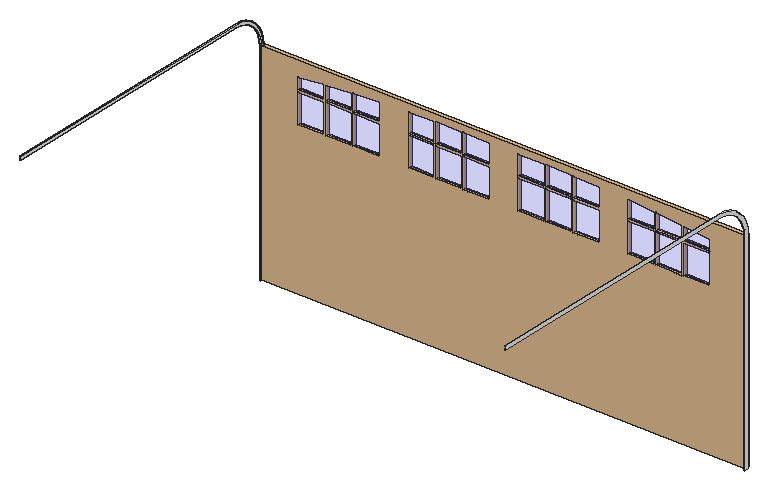
Revit family (continued)
Dimensions and locks (in)
  aligned and locked: curve 348 to curve 159
  aligned and locked: curve 349 to curve 158
  aligned and locked: curve 350 to curve 157
  aligned and locked: curve 351 to curve 184
  aligned and locked: curve 352 to curve 185
  aligned and locked: curve 353 to curve 186
  aligned and locked: curve 354 to curve 187
  aligned and locked: curve 355 to curve 188
  aligned and locked: curve 356 to curve 189
  aligned and locked: curve 357 to curve 190
  aligned and locked: curve 358 to curve 191
  aligned and locked: curve 359 to curve 192
  aligned and locked: curve 360 to curve 193
  aligned and locked: curve 361 to curve 194
  aligned and locked: curve 362 to curve 195
  aligned and locked: curve 363 to curve 152
  aligned and locked: curve 364 to curve 155
  aligned and locked: curve 365 to curve 154
  aligned and locked: curve 366 to curve 153
  aligned and locked: curve 367 to curve 148
  aligned and locked: curve 368 to curve 151
  aligned and locked: curve 369 to curve 150
  aligned and locked: curve 370 to curve 149
  aligned and locked: curve 371 to curve 167
  aligned and locked: curve 372 to curve 165
  aligned and locked: curve 373 to curve 161
  aligned and locked: curve 374 to curve 163
  aligned and locked: curve 375 to curve 166
  aligned and locked: curve 376 to curve 162
  aligned and locked: curve 377 to curve 51
  aligned and locked: curve 378 to curve 54
  aligned and locked: curve 379 to curve 53
  aligned and locked: curve 380 to curve 52
  aligned and locked: curve 381 to curve 101
  aligned and locked: curve 382 to curve 100
  aligned and locked: curve 383 to curve 99
  aligned and locked: curve 384 to curve 102
  aligned and locked: curve 385 to curve 113
  aligned and locked: curve 386 to curve 112
  aligned and locked: curve 387 to curve 111
  aligned and locked: curve 388 to curve 114
  aligned and locked: plane 20 to Extrusion 3 sketch curve
  aligned and locked: Extrusion 2 sketch curve to Extrusion 1  (x8)
  aligned and locked: Extrusion 3 sketch curve to plane 37
  aligned and locked: Extrusion 3 sketch curve to plane 41
  aligned and locked: plane 24 to Extrusion 3 sketch curve
  aligned and locked: plane 20 to Extrusion 1 sketch curve
  aligned and locked: Extrusion 1 sketch curve to plane 24
  aligned and locked: plane 41 to Extrusion 1 sketch curve
  aligned and locked: Extrusion 1 sketch curve to plane 37
  aligned and locked: Extrusion 4 sketch curve to cut or joined group of Extrusion 1, Extrusion 2, Extrusion 3  (x54)
  aligned and locked: cut or joined group of Extrusion 1, Extrusion 2, Extrusion 3 to Extrusion 4 sketch curve  (x2)
  aligned and locked: Extrusion 4 sketch curve to Extrusion 1  (x11)
  aligned and locked: Extrusion 1 to Extrusion 4 sketch curve  (x2)
  aligned and locked: plane 15 to plane 58
  aligned and locked: nested 1 to plane 2 "Center (Left/Right)"
  aligned and locked: nested 1 to plane 14 "Ext"
Automatic sketch dimensions
  Extrusion 1 sketch curve to Extrusion 1 sketch curve = 0' - 0"  (x3)
  Extrusion 1 sketch curve to plane 27 = 0' - 0"
  plane 17 to Extrusion 1 sketch curve = 0' - 1.00534"
  plane 11 to Extrusion 1 sketch curve = 0' - 0.04577"
  plane 37 to curve 150 = 0' - 0 1/4"
  curve 148 to curve 192 = 0' - 0 1/2"
  curve 194 to plane 40 = 0' - 0 3/4"
  curve 51 to plane 40 = 0' - 0 1/4"
  plane 40 to curve 58 = 0' - 0 1/4"
  curve 154 to curve 189 = 0' - 0 1/2"
  curve 191 to plane 38 = 0' - 0 3/4"
  curve 57 to plane 38 = 0' - 0 1/4"
  plane 38 to curve 62 = 0' - 0 1/4"
  curve 156 to curve 185 = 0' - 0 1/2"
  curve 186 to plane 42 = 0' - 0 1/2"
  plane 41 to curve 65 = 0' - 0 1/4"
  curve 162 to curve 182 = 0' - 0 1/2"
  curve 183 to plane 39 = 0' - 0 3/4"
  curve 161 to plane 39 = 0' - 0 1/4"
  plane 39 to curve 68 = 0' - 0 1/4"
  curve 165 to curve 179 = 0' - 0 1/2"
  curve 178 to plane 43 = 0' - 0 3/4"
  curve 166 to plane 43 = 0' - 0 1/4"
  plane 43 to curve 169 = 0' - 0 1/4"
  curve 174 to plane 36 = 0' - 0 1/2"
  curve 136 to plane 25 = 0' - 0 1/2"
  plane 27 to curve 137 = 0' - 0 3/4"
  plane 27 to curve 109 = 0' - 0 1/4"
  curve 16 to plane 27 = 0' - 0 1/4"
  curve 111 to curve 130 = 0' - 0 1/2"
  plane 22 to curve 130 = 0' - 0 3/4"
  plane 22 to curve 111 = 0' - 0 1/4"
  curve 117 to plane 22 = 0' - 0 1/4"
  curve 115 to curve 133 = 0' - 0 1/2"
  plane 24 to curve 132 = 0' - 0 3/4"
  plane 24 to curve 18 = 0' - 0 1/4"
  curve 22 to plane 24 = 0' - 0 1/4"
  curve 140 to plane 26 = 0' - 0 1/2"
  plane 21 to curve 140 = 0' - 0 3/4"
  plane 21 to curve 26 = 0' - 0 1/4"
  curve 3 to plane 21 = 0' - 0 1/4"
  curve 99 to curve 146 = 0' - 0 1/2"
  plane 23 to curve 144 = 0' - 0 3/4"
  plane 23 to curve 5 = 0' - 0 1/4"
  curve 7 to plane 23 = 0' - 0 1/4"
  curve 104 to curve 124 = 0' - 0 1/2"
  plane 20 to curve 126 = 0' - 0 3/4"
  plane 20 to curve 6 = 0' - 0 1/4"
  curve 1 to plane 20 = 0' - 0 1/4"
  curve 176 to plane 53 = 0' - 0 1/2"
  curve 173 to plane 53 = 0' - 0 1/2"
  curve 124 to plane 53 = 0' - 0 1/2"
  curve 180 to plane 53 = 0' - 0 1/2"
  curve 128 to plane 53 = 0' - 0 1/2"
  curve 132 to plane 53 = 0' - 0 1/2"
  curve 184 to plane 53 = 0' - 0 1/2"
  curve 188 to plane 53 = 0' - 0 1/2"
  curve 136 to plane 53 = 0' - 0 1/2"
  curve 192 to plane 53 = 0' - 0 1/2"
  curve 140 to plane 53 = 0' - 0 1/2"
  curve 144 to plane 53 = 0' - 0 1/2"
  Extrusion 2 sketch curve to Extrusion 2 sketch curve = 0' - 0"  (x8)
  Extrusion 2 sketch curve to Extrusion 2 sketch curve = 0' - 0.11569"  (x2)
  plane 11 to Extrusion 2 sketch curve = 0' - 0.12829"
  plane 11 to Extrusion 2 sketch curve = 0' - 0.4123"
  plane 11 to Extrusion 2 sketch curve = 0' - 0.48703"
  plane 11 to Extrusion 2 sketch curve = 0' - 0.54118"
  plane 11 to Extrusion 2 sketch curve = 0' - 0.68266"
  Extrusion 3 sketch curve to plane 50 = 0' - 0"
  curve 1 to plane 52 = 0' - 0"
  curve 98 to plane 53 = 0' - 0"
  curve 98 to plane 54 = 0' - 0"
  curve 22 to plane 52 = 0' - 0"
  curve 22 to plane 51 = 0' - 0"
  curve 119 to plane 53 = 0' - 0"
  curve 119 to plane 54 = 0' - 0"
  plane 11 to Extrusion 1 sketch curve = 0' - 0.14283"
  Extrusion 4 sketch curve to plane 28 = 0' - 0 1/4"  (x2)
  plane 28 to Extrusion 4 sketch curve = 0' - 0 1/4"
  Extrusion 4 sketch curve to plane 21 = 0' - 0 1/4"
  plane 21 to Extrusion 4 sketch curve = 0' - 0 1/4"
  Extrusion 4 sketch curve to plane 26 = 0' - 0"
  Extrusion 4 sketch curve to plane 9 = 0' - 0"  (x8)
  Extrusion 4 sketch curve to Extrusion 4 sketch curve = 0' - 0"  (x16)
  plane 17 to Extrusion 4 sketch curve = 0' - 0.72413"
  plane 20 to Extrusion 4 sketch curve = 0' - 0 1/4"
  Extrusion 4 sketch curve to Extrusion 4 sketch curve = 0' - 0.04748"
  Extrusion 4 sketch curve to Extrusion 4 sketch curve = 0' - 0.00946"
  Extrusion 4 sketch curve to plane 25 = 0' - 0"
  Extrusion 4 sketch curve to plane 36 = 0' - 0"
  Extrusion 4 sketch curve to plane 42 = 0' - 0"
  Extrusion 4 sketch curve to Extrusion 4 sketch curve = 0' - 0.03544"
  Extrusion 4 sketch curve to Extrusion 4 sketch curve = 0' - 0.04498"
Nested families (in)
  nested 1: "Door Track" at (-0.5, -64, 0), Width <- "Track Width", Height <- "Track Height", Depth <- "Track Depth", type "Door Track"
    with Width 16' - 2", Height 8' - 0", Depth 10' - 0"
Definition of nested family "Door Track"
  Parameters
    Width [instance] = 10' - 0"
    Track = Metal
    Height [instance] = 11' - 0"
    Depth [instance] = 10' - 0"
  Reference planes (in)
    plane 1 "Center (Front/Back)": y = 0
    plane 2: z = 0
    plane 3 "Center (Left/Right)": x = 0.5
    plane 4 "Back": y = 60
    plane 5 "Front": y = -60
    plane 6 "Left": x = -59.5
    plane 7 "Right": x = 60.5
    plane 8 "Top": z = 132
    plane 9 "Center (Up/Down)": z = 66
    plane 10: y = 60.75
    plane 11: y = 61.5
  Forms (in)
    Sweep 1, solid, material "Metal" <- "Track"
      path origin (60.5, 60, 48) x (0, 1, 0) y (0, 0, 1)
        loop
          line (0, -48) -> (0, 72)
          arc (0, 72) -> (-3.51472, 80.48528) -> (-12, 84) r 12
          line (-12, 84) -> (-120, 84)
      profile origin (60.5, -6, 132) x (0, 0, -1) y (1, 0, 0)
        loop
          line (-1.5, 0) -> (-1.375, 0) -> (-1.375, 0.375) -> (-0.125, 0.375) -> (-0.125, 0) -> (0, 0) -> (0, 0.5) -> (-1.5, 0.5) -> (-1.5, 0)
    Sweep 2, solid, material "Metal" <- "Track"
      path origin (-59.5, 60, 48) x (0, 1, 0) y (0, 0, 1)
        loop
          line (0, -48) -> (0, 72)
          arc (0, 72) -> (-3.51472, 80.48528) -> (-12, 84) r 12
          line (-12, 84) -> (-120, 84)
      profile origin (-59.5, -6, 132) x (0, 0, -1) y (1, 0, 0)
        loop
          line (-1.5, 0) -> (-1.5, -0.5) -> (0, -0.5) -> (0, 0) -> (-0.125, 0) -> (-0.125, -0.375) -> (-1.375, -0.375) -> (-1.375, 0) -> (-1.5, 0)
  Dimensions and locks (in)
    equal spacing: plane 6 "Left", plane 3 "Center (Left/Right)", plane 7 "Right"
    "Width": plane 6 "Left" to plane 7 "Right"
    equal spacing: plane 4 "Back", plane 1 "Center (Front/Back)", plane 5 "Front"
    "Depth": plane 4 "Back" to plane 5 "Front"
    "Height": plane 8 "Top" to plane 2
    equal spacing: plane 8 "Top", plane 9 "Center (Up/Down)", level
    locked: Sweep 2 sketch curve to Sweep 2 sketch curve at 0.125  (x3)
    locked: Sweep 2 sketch curve to Sweep 2 sketch curve at 0.5  (x2)
    locked: Sweep 2 sketch curve to Sweep 2 sketch curve at 1.5
    locked: Sweep 1 sketch curve to Sweep 1 sketch curve at 0.5  (x2)
    locked: Sweep 1 sketch curve to Sweep 1 sketch curve at 0.125  (x3)
    locked: Sweep 1 sketch curve to Sweep 1 sketch curve at 1.5
    equal spacing: plane 4 "Back", plane 10, plane 11
    locked: plane 10 to plane 11 at 0.75
    radius of Sweep 1 sketch curve = 1' - 0"
    radius of Sweep 2 sketch curve = 1' - 0"
    aligned and locked: plane 8 "Top" to Sweep 1 sketch curve  (x2)
    aligned and locked: plane 5 "Front" to Sweep 1 sketch curve
    aligned and locked: plane 4 "Back" to Sweep 1 sketch curve
    aligned and locked: plane 4 "Back" to Sweep 2 sketch curve
    aligned and locked: plane 5 "Front" to Sweep 2 sketch curve
    aligned and locked: level to Sweep 2 sketch curve
    aligned and locked: Sweep 2 sketch curve to profile plane  (x2)
    aligned and locked: Sweep 1 sketch curve to profile plane
    aligned and locked: plane 11 to Sweep 1
  Automatic sketch dimensions
    Sweep 1 sketch curve to level = 0' - 0"
    Sweep 2 sketch curve to plane 8 "Top" = 0' - 0"
Types (3): name | Track Width | Width
  (no name) | 16' - 2" | 16' - 0"
  7Ft H x 8Ft W | 8' - 2" | 8' - 0"
  7Ft H x 16Ft W | 16' - 2" | 16' - 0"
